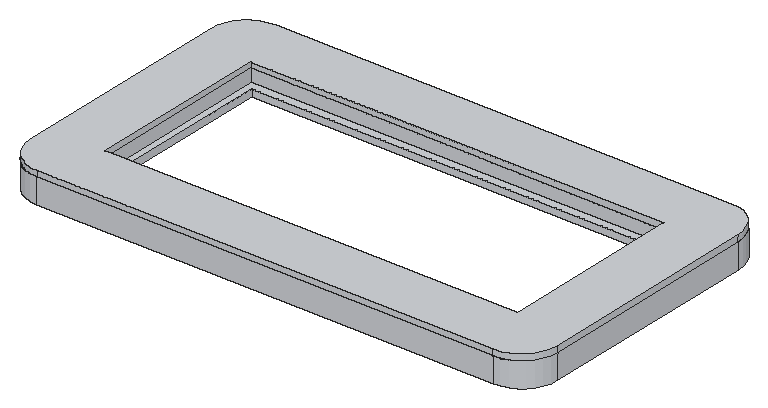
Revit family "Gira_1002422", category Electrical Fixtures, host Face, Revit 2017
Family settings
  Host = Face
  Maintain Annotation Orientation = No
  Round Connector Dimension = Use Diameter
  Part Type = Normal
  Cut with Voids When Loaded = No
  Shared = No
  Room Calculation Point = No
Parameters (values of type "Cov.fr. 2-g w/o cb Gira E3 grey/anthra.")
  URL = "http://katalog.gira.de/en/datenblatt.html?artikelnr=1002422"
  Transparent = "No"
  Name = "Cov.fr. 2-g w/o cb Gira E3 grey/anthra."
  Manufacturer URL = "https://www.gira.de/"
  Manufacturer = "Gira"
  Keynote = ""
  HeinzeBIM = "https://bimportal.heinze.de/bim/cov-fr-2-g-w-o-cb-gira-e3-grey-anthra-/21fd6d8bf53abe026d9d06be0e1eb51a3139c4f4"
  HAN = "1002422"
  GTIN = "4010337024019"
  Description = "Cov.fr.2g w o cb E3 GyAn,Gira E3 cover frame,grey soft touch with anthracite intermediate frame,2-gang without crossbar,Features:,- Shatter-proof.,,Notes :,- Soft-touch surface,- NCS value: approx. NCS S 3500-N"
  Default Elevation = 1219.2 mm
  Data sheet (1) = "https://katalog.gira.de/en/download.html?artikelnr=1002422"
  Category = "Cover frame for domestic switching devices"
  BIM (1) = "https://media.stage.bim.site/public/gira/36a6b08/E3_Rahmen_2fach o.Mittelsteg.rfa?public/gira/36a6b08/E3_Rahmen_2fach o.Mittelsteg.rfa"
  Available = "No"
Reference planes
  plane 1 "Center (Front/Back)": y = 0
  plane 2: z = 0
  plane 3 "Center (Left/Right)": x = 0
Forms (mm)
  Extrusion 1, solid
    sketch origin (0, 0, 0) x (1, 0, 0) y (0, 1, 0)
      loop
        arc (-70.233, 45.809) -> (-78.018, 42.585) -> (-81.243, 34.8) r 11.009
        line (-81.243, 34.8) -> (-81.243, -34.8)
        arc (-81.243, -34.8) -> (-78.018, -42.585) -> (-70.233, -45.809) r 11.009
        line (-70.233, -45.809) -> (70.233, -45.809)
        arc (70.233, -45.809) -> (78.018, -42.585) -> (81.243, -34.8) r 11.009
        line (81.243, -34.8) -> (81.243, 34.8)
        arc (81.243, 34.8) -> (78.018, 42.585) -> (70.233, 45.809) r 11.009
        line (70.233, 45.809) -> (-70.233, 45.809)
      loop
        line (63.62, 28.156) -> (-63.62, 28.156) -> (-63.62, -28.156) -> (63.62, -28.156) -> (63.62, 28.156)
    from 7.65 to 9.5
  Extrusion 2, solid
    sketch origin (0, 0, 0) x (1, 0, 0) y (0, 1, 0)
      loop
        line (61.452, 25.7) -> (-61.448, 25.7) -> (-61.448, -25.7) -> (61.452, -25.7) -> (61.452, 25.7)
      loop
        line (-63.935, -28.156) -> (63.939, -28.156) -> (63.939, 28.156) -> (-63.935, 28.156) -> (-63.935, -28.156)
    from 1.65 to 3.9
  Extrusion 3, solid
    sketch origin (0, 0, 0) x (1, 0, 0) y (0, 1, 0)
      loop
        arc (-70.346, 45.809) -> (-78.131, 42.585) -> (-81.355, 34.8) r 11.009
        line (-81.355, 34.8) -> (-81.355, -34.8)
        arc (-81.355, -34.8) -> (-78.131, -42.585) -> (-70.346, -45.809) r 11.009
        line (-70.346, -45.809) -> (70.35, -45.809)
        arc (70.35, -45.809) -> (78.134, -42.585) -> (81.359, -34.8) r 11.009
        line (81.359, -34.8) -> (81.359, 34.8)
        arc (81.359, 34.8) -> (78.134, 42.585) -> (70.35, 45.809) r 11.009
        line (70.35, 45.809) -> (-70.346, 45.809)
      loop
        line (-79.389, 34.785) -> (-79.389, -34.785)
        arc (-79.389, -34.785) -> (-76.736, -41.19) -> (-70.331, -43.843) r 9.058
        line (-70.331, -43.843) -> (70.334, -43.843)
        arc (70.334, -43.843) -> (76.74, -41.19) -> (79.393, -34.785) r 9.058
        line (79.393, -34.785) -> (79.393, 34.785)
        arc (79.393, 34.785) -> (76.74, 41.19) -> (70.334, 43.843) r 9.058
        line (70.334, 43.843) -> (-70.331, 43.843)
        arc (-70.331, 43.843) -> (-76.736, 41.19) -> (-79.389, 34.785) r 9.058
    from 0 to 7.65
  Extrusion 4, solid
    sketch origin (0, 0, 0) x (1, 0, 0) y (0, 1, 0)
      loop
        line (-67.501, -39.8) -> (67.505, -39.8)
        arc (67.505, -39.8) -> (73.119, -36.708) -> (75.352, -30.7) r 9.2
        line (75.352, -30.7) -> (75.352, 30.7)
        arc (75.352, 30.7) -> (72.657, 37.205) -> (66.152, 39.9) r 9.2
        line (66.152, 39.9) -> (-66.148, 39.9)
        arc (-66.148, 39.9) -> (-72.653, 37.205) -> (-75.348, 30.7) r 9.2
        line (-75.348, 30.7) -> (-75.348, -30.7)
        arc (-75.348, -30.7) -> (-73.115, -36.708) -> (-67.501, -39.8) r 9.2
      loop
        line (-66.148, -31.7) -> (66.152, -31.7)
        arc (66.152, -31.7) -> (66.859, -31.407) -> (67.152, -30.7) r 1
        line (67.152, -30.7) -> (67.152, 30.7)
        arc (67.152, 30.7) -> (66.859, 31.407) -> (66.152, 31.7) r 1
        line (66.152, 31.7) -> (-66.148, 31.7)
        arc (-66.148, 31.7) -> (-66.855, 31.407) -> (-67.148, 30.7) r 1
        line (-67.148, 30.7) -> (-67.148, -30.7)
        arc (-67.148, -30.7) -> (-66.855, -31.407) -> (-66.148, -31.7) r 1
    from 1.65 to 3.9
  Extrusion 5, solid
    sketch origin (0, 0, 0) x (1, 0, 0) y (0, 1, 0)
      loop
        line (-63.62, 28.156) -> (-63.62, -28.156) -> (63.62, -28.156) -> (63.62, 28.156) -> (-63.62, 28.156)
      loop
        line (-66.692, 27.327) -> (-66.692, -27.327)
        arc (-66.692, -27.327) -> (-65.601, -29.977) -> (-62.954, -31.075) r 3.739
        line (-62.954, -31.075) -> (62.958, -31.075)
        arc (62.958, -31.075) -> (65.601, -29.98) -> (66.696, -27.337) r 3.739
        line (66.696, -27.337) -> (66.696, 27.337)
        arc (66.696, 27.337) -> (65.601, 29.98) -> (62.958, 31.075) r 3.739
        line (62.958, 31.075) -> (-62.954, 31.075)
        arc (-62.954, 31.075) -> (-65.601, 29.977) -> (-66.692, 27.327) r 3.739
    from 1.65 to 7.65
  Extrusion 6, solid, detail levels coarse+medium
    sketch origin (0, 0, 0) x (1, 0, 0) y (0, 1, 0)
      loop
        line (-81.355, 45.809) -> (-81.355, -45.809) -> (81.359, -45.809) -> (81.359, 45.809) -> (-81.355, 45.809)
    from 0 to 9.5
Dimensions and locks
  aligned and locked: plane 2 to host face
  aligned and locked: level to host face
